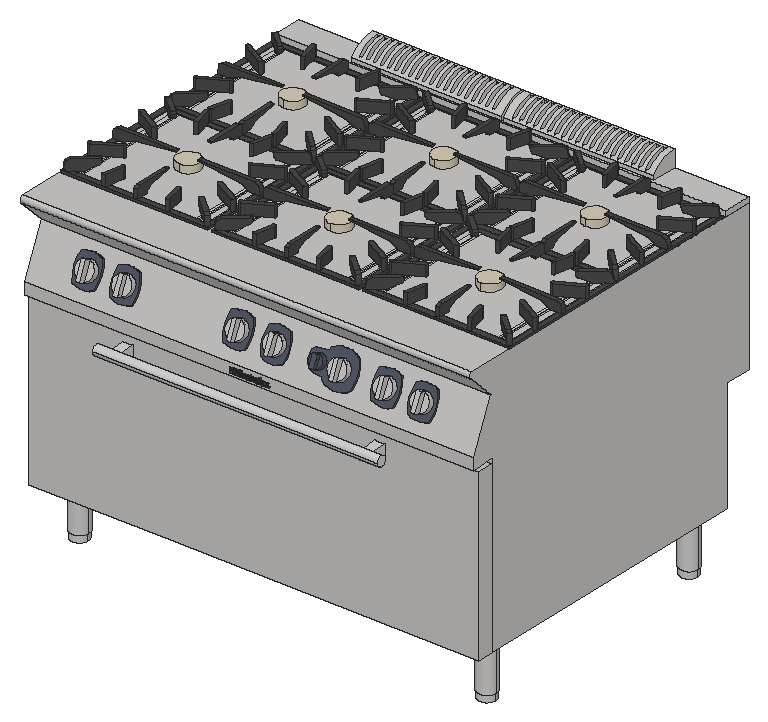
Revit family "QF_ELECTROLUXPROFESSIONAL_391015_E9GCGL6CL0", category Specialty Equipment, Revit 2018
Family settings
  Round Connector Dimension = Use Diameter
  Part Type = Normal
  Work Plane-Based = No
  Always vertical = Yes
  Cut with Voids When Loaded = No
  Shared = No
  Room Calculation Point = No
Parameters
  Width = 1200 mm
  Weight in Pounds = 200  # constant formula
  Watts = 0 W
  URL Cutsheet = "www.electrolux.com"
  URL = "www.electrolux.com"
  Type Mark [instance] = ""
  Status [instance] = ""
  Specification by User [instance] = ""
  Specification by Manufacturer = ""
  Show Logo [instance] = yes
  Show Clearance [instance] = yes
  Serial Number = ""
  Seismic Rating = ""
  SMACNA No = ""
  Revision Code [instance] = ""
  Omniclass Number and Title = ""
  NAFEM Spec ID Number = ""
  Model = "391015"
  Mechanical Remarks [instance] = ""
  Mechanical Connection Type [instance] = ""
  Masterspec = ""
  Manufacturer = "ELECTROLUX"
  Item Number [instance] = ""
  Installed By [instance] = ""
  Identify Quantity as Lot [instance] = yes
  Height = 909 mm
  HP = "0 HP"
  Gas Size = 12.7 mm  # 1/2"
  Gas RI Height [instance] = 0 mm
  Gas KW [instance] = 56  # constant formula
  Gas Input [instance] = 190904.0 Btu/h
  Gas Connection Height = 0 mm
  Furnished By [instance] = ""
  Foodservice Equipment Identifier [instance] = yes
  Direct Waste Size = 0"
  Description = "900XP 6 GAS BURNERS 6kW ON LARGE GAS OVEN"
  Depth = 930 mm
  CSI MasterFormat = ""
  CSI Master Format = ""
  Assembly Code = ""
Reference planes
  plane 1 "BACK": y = 0
  plane 2: z = 0
  plane 3 "LEFT": x = 0
  plane 4 "RIGHT": x = 1200
  plane 5 "FRONT": y = -700
  plane 6 "TOP": z = 909
  plane 7 "Center Y": x = 600
  plane 8 "Center X": y = -350
  plane 9 "Base": z = 150
  plane 10: z = 850.9
  plane 11: y = -930
  plane 12: y = -1109
  plane 13: y = -128
  plane 14: y = -802
  plane 15: y = -1310
  plane 16: y = -666
  plane 17: x = 56
  plane 18: x = 1144
Forms (mm)
  Extrusion 1, solid, material "QF_Finishes_Stainless Steel"
    sketch origin (0, 0, 0) x (0, 1, 0) y (0, 0, 1)
      loop
        line (0, 450) -> (0, 850.9) -> (-921.37, 850.9)
        arc (-921.37, 850.9) -> (-929.343, 845.573) -> (-927.472, 836.168) r 8.63
        line (-927.472, 836.168) -> (-858.266, 766.833) -> (-915.833, 641.476) -> (-915.833, 610.179) -> (-855.839, 614.875)
        arc (-855.839, 614.875) -> (-853.314, 614.127) -> (-852.222, 611.731) r 3.175
        line (-852.222, 611.731) -> (-852.222, 150) -> (-71, 150) -> (-71, 450) -> (0, 450)
    from 0 to 1200
  Extrusion 2, solid, material "QF_Finishes_Stainless Steel"
    sketch origin (0, -852.222, 611.731) x (0, 0, -1) y (1, 0, 0)
      loop
        line (461.731, 363.774) -> (461.731, 1200) -> (9.61, 1200) -> (9.61, 378.321) -> (9.61, 0) -> (461.731, 0) -> (461.731, 363.774)
    from 3.175 to 47.778
  Extrusion 3, solid, material "QF_Finishes_Stainless Steel"
    sketch origin (0, 0, 0) x (0, -1, 0) y (0, 0, 1)
      loop
        line (0, 850.9) -> (76.2, 850.9) -> (76.2, 865.188) -> (0, 865.188) -> (0, 850.9)
    from 0 to -1200
  Extrusion 4, solid, material "QF_Finishes_Stainless Steel"
    sketch origin (0, -852.222, 150) x (1, 0, 0) y (0, -1, 0)
      loop
        circle (1148, -186.222) r 6.4
    from 0 to 21
  Extrusion 5, solid, material "QF_Door-Drawer Clearances", visible <- "Show Clearance", detail levels coarse
    sketch origin (0, -200, 0) x (0, 1, 0) y (0, 0, 1)
      loop
        line (-1110, 150) -> (-700, 150) -> (-700, 602.41)
        arc (-700, 602.41) -> (-992.25, 455.276) -> (-1110, 150) r 454.603
    from 0 to 1200
  Extrusion 6, solid, material "QF_Clearances", visible <- "Show Clearance", detail levels coarse
    sketch origin (0, -200, 0) x (1, 0, 0) y (0, 1, 0)
      loop
        line (-100, -730) -> (0, -730) -> (0, 200) -> (1200, 200) -> (1200, -730) -> (1300, -730) -> (1300, 300) -> (-100, 300) -> (-100, -730)
    from 0 to 908.85
  Extrusion 7, solid, material "QF_Finishes_Handrails and Railings"
    sketch origin (200, -200, 0) x (0, 1, 0) y (0, 0, 1)
      loop
        line (-700, 580.001) -> (-738.549, 577.296)
        arc (-738.549, 577.296) -> (-739.742, 563.489) -> (-752.852, 558.993) r 12.7
        arc (-752.852, 558.993) -> (-752.311, 558.176) -> (-751.712, 557.401) r 13.441
        arc (-751.712, 557.401) -> (-749.907, 555.955) -> (-747.68, 555.335) r 5.77
        line (-747.68, 555.335) -> (-700, 551.992) -> (-700, 580.001)
    from 50.8 to 76.2
  Extrusion 8, solid, material "QF_Finishes_Handrails and Railings"
    sketch origin (1000, -200, 0) x (0, 1, 0) y (0, 0, -1)
      loop
        line (-700, -580.001) -> (-700, -551.992) -> (-747.68, -555.335)
        arc (-747.68, -555.335) -> (-749.907, -555.955) -> (-751.712, -557.401) r 5.77
        arc (-751.712, -557.401) -> (-752.311, -558.176) -> (-752.852, -558.993) r 13.441
        arc (-752.852, -558.993) -> (-739.742, -563.489) -> (-738.549, -577.296) r 12.7
        line (-738.549, -577.296) -> (-700, -580.001)
    from 50.8 to 76.2
  Extrusion 9, solid, material "QF_Finishes_Handrails and Railings"
    sketch origin (200, -200, 0) x (0, 1, 0) y (0, 0, 1)
      loop
        circle (-749.749, 571.309) r 12.7
    from 19.875 to 780.125
  Extrusion 10, solid, material "QF_Finishes_Navy Blue"
    sketch origin (405.244, -913.772, 646.186) x (0, 0.418102, 0.9084) y (-1, 0, 0)
      loop
        arc (102.623, -510.47) -> (67.041, -502.846) -> (31.333, -509.853) r 90.5
        arc (31.333, -509.853) -> (24.507, -539.04) -> (31.333, -568.228) r 65.817
        arc (31.333, -568.228) -> (67.04, -575.188) -> (102.623, -567.615) r 91.066
        arc (102.623, -567.615) -> (109.179, -539.043) -> (102.623, -510.47) r 65.546
    from 0 to 3.175
  Extrusion 11, solid, material "QF_Finishes_Stainless Steel"
    sketch origin (783.994, -917.485, 645.711) x (0, 0.418102, 0.9084) y (-1, 0, 0)
      loop
        circle (68.826, -160.963) r 25.4
    from 0 to 12.7
  Extrusion 12, solid, material "QF_Finishes_Stainless Steel"
    sketch origin (783.994, -929.022, 651.021) x (0, 0.418102, 0.9084) y (-1, 0, 0)
      loop
        arc (93.558, -166.749) -> (94.226, -160.963) -> (93.558, -155.177) r 25.4
        line (93.558, -155.177) -> (44.094, -155.177)
        arc (44.094, -155.177) -> (43.426, -160.963) -> (44.094, -166.749) r 25.4
        line (44.094, -166.749) -> (93.558, -166.749)
    from 0 to 12.7
  Extrusion 13, solid, material "QF_Finishes_Navy Blue"
    sketch origin (282.787, -913.772, 646.186) x (0, 0.418102, 0.9084) y (-1, 0, 0)
      loop
        arc (104.355, -502.587) -> (101.326, -501.258) -> (98.25, -500.039) r 91.066
        arc (98.25, -500.039) -> (96.592, -482.449) -> (93.213, -465.107) r 179.528
        arc (93.213, -465.107) -> (69.244, -452.795) -> (45.274, -465.107) r 29.489
        arc (45.274, -465.107) -> (38.909, -481.441) -> (37.449, -498.912) r 61.044
        arc (37.449, -498.912) -> (34.471, -499.962) -> (31.532, -501.116) r 91.066
        arc (31.532, -501.116) -> (19.517, -540.223) -> (32.929, -578.873) r 65.817
        arc (32.929, -578.873) -> (68.105, -585.173) -> (102.996, -577.452) r 91.066
        arc (102.996, -577.452) -> (115.418, -540.233) -> (104.355, -502.587) r 65.546
    from 0 to 3.175
  Extrusion 14, solid, material "QF_Finishes_Stainless Steel"
    sketch origin (661.537, -917.485, 645.711) x (0, 0.418102, 0.9084) y (-1, 0, 0)
      loop
        circle (68.826, -160.963) r 25.4
    from 0 to 12.7
  Extrusion 15, solid, material "QF_Finishes_Stainless Steel"
    sketch origin (661.537, -929.022, 651.021) x (0, 0.418102, 0.9084) y (-1, 0, 0)
      loop
        arc (93.558, -166.749) -> (94.226, -160.963) -> (93.558, -155.177) r 25.4
        line (93.558, -155.177) -> (44.094, -155.177)
        arc (44.094, -155.177) -> (43.426, -160.963) -> (44.094, -166.749) r 25.4
        line (44.094, -166.749) -> (93.558, -166.749)
    from 0 to 12.7
  Extrusion 16, solid, material "QF_Finishes_Navy Blue"
    sketch origin (604.037, -917.485, 645.711) x (0, 0.418102, 0.9084) y (-1, 0, 0)
      loop
        circle (68.826, -160.963) r 18.37
    from 0 to 12.7
  Extrusion 17, solid, material "QF_Finishes_Navy Blue"
    sketch origin (602.746, -929.022, 651.021) x (0, 0.418102, 0.9084) y (-1, 0, 0)
      loop
        arc (84.808, -167.687) -> (85.476, -161.901) -> (84.808, -156.114) r 25.4
        line (84.808, -156.114) -> (52.844, -156.114)
        arc (52.844, -156.114) -> (52.176, -161.901) -> (52.844, -167.687) r 25.4
        line (52.844, -167.687) -> (84.808, -167.687)
    from 0 to 8.112
  Extrusion 18, solid, material "QF_Finishes_Navy Blue"
    sketch origin (-392.256, -913.772, 646.186) x (0, 0.418102, 0.9084) y (-1, 0, 0)
      loop
        arc (102.623, -510.47) -> (67.041, -502.846) -> (31.333, -509.853) r 90.5
        arc (31.333, -509.853) -> (24.507, -539.04) -> (31.333, -568.228) r 65.817
        arc (31.333, -568.228) -> (67.04, -575.188) -> (102.623, -567.615) r 91.066
        arc (102.623, -567.615) -> (109.179, -539.043) -> (102.623, -510.47) r 65.546
    from 0 to 3.175
  Extrusion 19, solid, material "QF_Finishes_Stainless Steel"
    sketch origin (-13.506, -917.485, 645.711) x (0, 0.418102, 0.9084) y (-1, 0, 0)
      loop
        circle (68.826, -160.963) r 25.4
    from 0 to 12.7
  Extrusion 20, solid, material "QF_Finishes_Stainless Steel"
    sketch origin (-13.506, -929.022, 651.021) x (0, 0.418102, 0.9084) y (-1, 0, 0)
      loop
        arc (93.558, -166.749) -> (94.226, -160.963) -> (93.558, -155.177) r 25.4
        line (93.558, -155.177) -> (44.094, -155.177)
        arc (44.094, -155.177) -> (43.426, -160.963) -> (44.094, -166.749) r 25.4
        line (44.094, -166.749) -> (93.558, -166.749)
    from 0 to 12.7
  Extrusion 21, solid, material "QF_Finishes_Navy Blue"
    sketch origin (-292.256, -913.772, 646.186) x (0, 0.418102, 0.9084) y (-1, 0, 0)
      loop
        arc (102.623, -510.47) -> (67.041, -502.846) -> (31.333, -509.853) r 90.5
        arc (31.333, -509.853) -> (24.507, -539.04) -> (31.333, -568.228) r 65.817
        arc (31.333, -568.228) -> (67.04, -575.188) -> (102.623, -567.615) r 91.066
        arc (102.623, -567.615) -> (109.179, -539.043) -> (102.623, -510.47) r 65.546
    from 0 to 3.175
  Extrusion 22, solid, material "QF_Finishes_Stainless Steel"
    sketch origin (86.494, -917.485, 645.711) x (0, 0.418102, 0.9084) y (-1, 0, 0)
      loop
        circle (68.826, -160.963) r 25.4
    from 0 to 12.7
  Extrusion 23, solid, material "QF_Finishes_Stainless Steel"
    sketch origin (86.494, -929.022, 651.021) x (0, 0.418102, 0.9084) y (-1, 0, 0)
      loop
        arc (93.558, -166.749) -> (94.226, -160.963) -> (93.558, -155.177) r 25.4
        line (93.558, -155.177) -> (44.094, -155.177)
        arc (44.094, -155.177) -> (43.426, -160.963) -> (44.094, -166.749) r 25.4
        line (44.094, -166.749) -> (93.558, -166.749)
    from 0 to 12.7
  Extrusion 24, solid, material "QF_Finishes_Stainless Steel"
    sketch origin (202.4, -200, 590.5) x (0, 1, 0) y (0, 0, 1)
      loop
        line (200, 274.688) -> (200, 318.5)
        arc (200, 318.5) -> (160.905, 309.851) -> (130.15, 284.212) r 84.706
        line (130.15, 284.212) -> (130.15, 274.688) -> (200, 274.688)
    from 400 to 800
  Extrusion 25, solid, material "QF_Finishes_Navy Blue"
    sketch origin (502.744, -913.772, 646.186) x (0, 0.418102, 0.9084) y (-1, 0, 0)
      loop
        arc (102.623, -510.47) -> (67.041, -502.846) -> (31.333, -509.853) r 90.5
        arc (31.333, -509.853) -> (24.507, -539.04) -> (31.333, -568.228) r 65.817
        arc (31.333, -568.228) -> (67.04, -575.188) -> (102.623, -567.615) r 91.066
        arc (102.623, -567.615) -> (109.179, -539.043) -> (102.623, -510.47) r 65.546
    from 0 to 3.175
  Extrusion 26, solid, material "QF_Finishes_Stainless Steel"
    sketch origin (881.494, -917.485, 645.711) x (0, 0.418102, 0.9084) y (-1, 0, 0)
      loop
        circle (68.826, -160.963) r 25.4
    from 0 to 12.7
  Extrusion 27, solid, material "QF_Finishes_Stainless Steel"
    sketch origin (881.494, -929.022, 651.021) x (0, 0.418102, 0.9084) y (-1, 0, 0)
      loop
        arc (93.558, -166.749) -> (94.226, -160.963) -> (93.558, -155.177) r 25.4
        line (93.558, -155.177) -> (44.094, -155.177)
        arc (44.094, -155.177) -> (43.426, -160.963) -> (44.094, -166.749) r 25.4
        line (44.094, -166.749) -> (93.558, -166.749)
    from 0 to 12.7
  Extrusion 28, solid, material "QF_Finishes_Navy Blue"
    sketch origin (10.244, -913.772, 646.186) x (0, 0.418102, 0.9084) y (-1, 0, 0)
      loop
        arc (102.623, -510.47) -> (67.041, -502.846) -> (31.333, -509.853) r 90.5
        arc (31.333, -509.853) -> (24.507, -539.04) -> (31.333, -568.228) r 65.817
        arc (31.333, -568.228) -> (67.04, -575.188) -> (102.623, -567.615) r 91.066
        arc (102.623, -567.615) -> (109.179, -539.043) -> (102.623, -510.47) r 65.546
    from 0 to 3.175
  Extrusion 29, solid, material "QF_Finishes_Stainless Steel"
    sketch origin (388.994, -917.485, 645.711) x (0, 0.418102, 0.9084) y (-1, 0, 0)
      loop
        circle (68.826, -160.963) r 25.4
    from 0 to 12.7
  Extrusion 30, solid, material "QF_Finishes_Stainless Steel"
    sketch origin (388.994, -929.022, 651.021) x (0, 0.418102, 0.9084) y (-1, 0, 0)
      loop
        arc (93.558, -166.749) -> (94.226, -160.963) -> (93.558, -155.177) r 25.4
        line (93.558, -155.177) -> (44.094, -155.177)
        arc (44.094, -155.177) -> (43.426, -160.963) -> (44.094, -166.749) r 25.4
        line (44.094, -166.749) -> (93.558, -166.749)
    from 0 to 12.7
  Extrusion 31, solid, material "QF_Finishes_Navy Blue"
    sketch origin (110.244, -913.772, 646.186) x (0, 0.418102, 0.9084) y (-1, 0, 0)
      loop
        arc (102.623, -510.47) -> (67.041, -502.846) -> (31.333, -509.853) r 90.5
        arc (31.333, -509.853) -> (24.507, -539.04) -> (31.333, -568.228) r 65.817
        arc (31.333, -568.228) -> (67.04, -575.188) -> (102.623, -567.615) r 91.066
        arc (102.623, -567.615) -> (109.179, -539.043) -> (102.623, -510.47) r 65.546
    from 0 to 3.175
  Extrusion 32, solid, material "QF_Finishes_Stainless Steel"
    sketch origin (488.994, -917.485, 645.711) x (0, 0.418102, 0.9084) y (-1, 0, 0)
      loop
        circle (68.826, -160.963) r 25.4
    from 0 to 12.7
  Extrusion 33, solid, material "QF_Finishes_Stainless Steel"
    sketch origin (488.994, -929.022, 651.021) x (0, 0.418102, 0.9084) y (-1, 0, 0)
      loop
        arc (93.558, -166.749) -> (94.226, -160.963) -> (93.558, -155.177) r 25.4
        line (93.558, -155.177) -> (44.094, -155.177)
        arc (44.094, -155.177) -> (43.426, -160.963) -> (44.094, -166.749) r 25.4
        line (44.094, -166.749) -> (93.558, -166.749)
    from 0 to 12.7
  Extrusion 34, solid, material "QF_Finishes_Navy Blue", visible <- "Show Logo"
    sketch origin (261.109, -915.962, 610.773) x (0, 0, 1) y (-1, 0, 0)
      loop
        line (20.674, -296.698) -> (8.307, -296.698)
        arc (8.307, -296.698) -> (14.491, -301.27) -> (20.674, -296.698) r 6.467
      loop
        arc (20.674, -296.069) -> (19.505, -290.926) -> (14.849, -288.448) r 6.338
        line (14.849, -288.448) -> (14.849, -290.494)
        arc (14.849, -290.494) -> (16.333, -294.149) -> (19.778, -296.069) r 5.941
        line (19.778, -296.069) -> (20.674, -296.069)
      loop
        arc (9.203, -296.069) -> (12.648, -294.149) -> (14.132, -290.494) r 5.941
        line (14.132, -290.494) -> (14.132, -288.448)
        arc (14.132, -288.448) -> (9.438, -290.922) -> (8.148, -296.069) r 6.504
        line (8.148, -296.069) -> (9.203, -296.069)
      loop
        line (21.349, -287.979) -> (7.604, -287.979) -> (7.604, -301.742) -> (21.349, -301.742) -> (21.349, -287.979)
      loop
        arc (21.432, -304.71) -> (21.085, -304.352) -> (20.718, -304.69) r 0.358
        arc (20.718, -304.69) -> (20.404, -305.44) -> (19.687, -305.825) r 1.216
        line (19.687, -305.825) -> (9.274, -305.825)
        arc (9.274, -305.825) -> (8.614, -305.548) -> (8.218, -304.951) r 1.238
        arc (8.218, -304.951) -> (7.823, -304.7) -> (7.518, -305.054) r 0.358
        line (7.518, -305.054) -> (7.518, -314.933) -> (10.269, -314.933) -> (10.269, -314.036)
        arc (10.269, -314.036) -> (9.36, -313.456) -> (8.904, -312.479) r 1.928
        line (8.904, -312.479) -> (8.904, -309.98)
        arc (8.904, -309.98) -> (9.18, -309.251) -> (9.868, -308.887) r 1.101
        line (9.868, -308.887) -> (13.955, -308.887) -> (13.955, -312.561)
        arc (13.955, -312.561) -> (13.602, -313.058) -> (13.037, -313.286) r 1.083
        arc (13.037, -313.286) -> (12.773, -313.591) -> (13.065, -313.869) r 0.292
        line (13.065, -313.869) -> (16.028, -313.869)
        arc (16.028, -313.869) -> (16.33, -313.596) -> (16.092, -313.266) r 0.305
        arc (16.092, -313.266) -> (15.601, -313.018) -> (15.296, -312.561) r 1.083
        line (15.296, -312.561) -> (15.296, -308.887) -> (19.973, -308.887) -> (19.973, -312.635)
        arc (19.973, -312.635) -> (19.759, -313.39) -> (19.153, -313.888) r 1.314
        arc (19.153, -313.888) -> (18.934, -314.292) -> (19.288, -314.585) r 0.361
        line (19.288, -314.585) -> (21.432, -314.585) -> (21.432, -304.71)
      loop
        arc (20.715, -315.365) -> (20.335, -316.284) -> (19.416, -316.664) r 1.299
        line (19.416, -316.664) -> (9.837, -316.664)
        arc (9.837, -316.664) -> (8.999, -316.286) -> (8.728, -315.408) r 1.118
        line (8.728, -315.408) -> (7.518, -315.408) -> (7.518, -320.758) -> (8.706, -320.758)
        arc (8.706, -320.758) -> (8.978, -319.841) -> (9.848, -319.445) r 1.153
        line (9.848, -319.445) -> (21.92, -319.445) -> (20.715, -315.365)
      loop
        line (12.483, -323.394) -> (12.483, -329.842) -> (13.282, -329.842)
        arc (13.282, -329.842) -> (15.862, -328.857) -> (17.131, -326.404) r 3.874
        line (17.131, -326.404) -> (17.131, -324.643)
        arc (17.131, -324.643) -> (15.944, -321.778) -> (13.08, -320.592) r 4.051
        line (13.08, -320.592) -> (11.072, -320.592)
        arc (11.072, -320.592) -> (8.253, -322.077) -> (7.202, -325.084) r 4.352
        arc (7.202, -325.084) -> (7.566, -327.547) -> (8.943, -329.621) r 5.713
        line (8.943, -329.621) -> (9.892, -329.621)
        arc (9.892, -329.621) -> (9.16, -328.052) -> (8.943, -326.334) r 5.579
        arc (8.943, -326.334) -> (9.737, -324.371) -> (11.616, -323.394) r 3.057
        line (11.616, -323.394) -> (12.483, -323.394)
      loop
        line (13.742, -323.394) -> (13.742, -326.977)
        arc (13.742, -326.977) -> (15.199, -327.024) -> (16.082, -325.864) r 1.59
        line (16.082, -325.864) -> (16.082, -325.034)
        arc (16.082, -325.034) -> (15.217, -323.779) -> (13.742, -323.394) r 2.184
      loop
        arc (16.533, -339.259) -> (17.022, -337.585) -> (17.179, -335.848) r 9.023
        line (17.179, -335.848) -> (17.179, -334.486)
        arc (17.179, -334.486) -> (16.02, -331.686) -> (13.22, -330.527) r 3.959
        line (13.22, -330.527) -> (10.62, -330.527)
        arc (10.62, -330.527) -> (8.338, -331.819) -> (7.221, -334.192) r 4.331
        line (7.221, -334.192) -> (7.221, -336.327)
        arc (7.221, -336.327) -> (7.729, -337.877) -> (8.651, -339.223) r 5.772
        arc (8.651, -339.223) -> (9.412, -339.274) -> (9.499, -338.515) r 0.553
        arc (9.499, -338.515) -> (9.111, -337.781) -> (8.977, -336.962) r 2.573
        line (8.977, -336.962) -> (8.977, -335.447)
        arc (8.977, -335.447) -> (9.983, -333.806) -> (11.798, -333.163) r 2.884
        line (11.798, -333.163) -> (13.077, -333.163)
        arc (13.077, -333.163) -> (14.898, -333.723) -> (15.824, -335.388) r 2.554
        line (15.824, -335.388) -> (15.824, -336.441)
        arc (15.824, -336.441) -> (15.493, -337.369) -> (14.836, -338.104) r 2.564
        arc (14.836, -338.104) -> (14.614, -338.821) -> (15.223, -339.259) r 0.643
        line (15.223, -339.259) -> (16.533, -339.259)
      loop
        line (15.515, -339.53) -> (15.515, -341.031) -> (9.467, -341.031)
        arc (9.467, -341.031) -> (7.879, -341.688) -> (7.221, -343.276) r 2.246
        line (7.221, -343.276) -> (7.221, -344.86)
        arc (7.221, -344.86) -> (7.535, -345.725) -> (8.035, -346.496) r 4.06
        arc (8.035, -346.496) -> (8.768, -346.629) -> (9.019, -345.928) r 0.576
        arc (9.019, -345.928) -> (8.913, -345.403) -> (8.977, -344.87) r 1.69
        arc (8.977, -344.87) -> (9.519, -344.082) -> (10.425, -343.779) r 1.506
        line (10.425, -343.779) -> (15.563, -343.779) -> (15.563, -346.176) -> (16.119, -346.733) -> (16.941, -346.733) -> (16.941, -343.873) -> (20.172, -343.873) -> (15.515, -339.53)
      loop
        line (7.438, -347.63) -> (7.438, -353.017) -> (8.548, -353.017)
        arc (8.548, -353.017) -> (8.942, -352.066) -> (9.893, -351.672) r 1.345
        line (9.893, -351.672) -> (13.509, -351.672)
        arc (13.509, -351.672) -> (14.274, -352.264) -> (14.564, -353.186) r 1.615
        line (14.564, -353.186) -> (14.564, -354.742) -> (17.119, -355.427) -> (17.119, -354.044) -> (15.177, -351.485) -> (17.057, -351.485) -> (16.773, -348.779)
        arc (16.773, -348.779) -> (16.333, -348.249) -> (15.674, -348.45) r 0.621
        arc (15.674, -348.45) -> (15.274, -348.792) -> (14.78, -348.975) r 1.501
        line (14.78, -348.975) -> (9.893, -348.975)
        arc (9.893, -348.975) -> (8.942, -348.581) -> (8.548, -347.63) r 1.345
        line (8.548, -347.63) -> (7.438, -347.63)
      loop
        line (13.54, -354.964) -> (10.848, -354.964)
        arc (10.848, -354.964) -> (8.403, -356.272) -> (7.269, -358.803) r 4.288
        arc (7.269, -358.803) -> (7.205, -360.183) -> (7.269, -361.563) r 15.022
        arc (7.269, -361.563) -> (8.403, -364.094) -> (10.848, -365.401) r 4.288
        line (10.848, -365.401) -> (13.54, -365.401)
        arc (13.54, -365.401) -> (15.986, -364.094) -> (17.119, -361.563) r 4.288
        arc (17.119, -361.563) -> (17.183, -360.183) -> (17.119, -358.803) r 15.022
        arc (17.119, -358.803) -> (15.986, -356.272) -> (13.54, -354.964) r 4.288
      loop
        line (13.745, -358.078) -> (10.643, -358.078)
        arc (10.643, -358.078) -> (8.486, -360.235) -> (10.643, -362.392) r 2.157
        line (10.643, -362.392) -> (13.745, -362.392)
        arc (13.745, -362.392) -> (15.902, -360.235) -> (13.745, -358.078) r 2.157
      loop
        arc (20.726, -365.26) -> (20.355, -366.154) -> (19.461, -366.524) r 1.264
        line (19.461, -366.524) -> (9.597, -366.524)
        arc (9.597, -366.524) -> (8.727, -366.127) -> (8.455, -365.211) r 1.153
        line (8.455, -365.211) -> (7.518, -365.211) -> (7.518, -370.319) -> (8.446, -370.319)
        arc (8.446, -370.319) -> (8.805, -369.547) -> (9.597, -369.232) r 1.153
        line (9.597, -369.232) -> (21.92, -369.232) -> (20.726, -365.26)
      loop
        arc (15.846, -369.857) -> (15.647, -370.921) -> (14.678, -371.403) r 1.215
        line (14.678, -371.403) -> (9.658, -371.403)
        arc (9.658, -371.403) -> (8.043, -372.051) -> (7.322, -373.634) r 2.338
        line (7.322, -373.634) -> (7.322, -375.148)
        arc (7.322, -375.148) -> (7.497, -376.152) -> (7.999, -377.038) r 2.979
        line (7.999, -377.038) -> (7.518, -378.835) -> (7.518, -380.524) -> (16.943, -380.524) -> (16.649, -376.32) -> (15.863, -376.32)
        arc (15.863, -376.32) -> (15.507, -377.156) -> (14.755, -377.665) r 1.605
        line (14.755, -377.665) -> (9.652, -377.665)
        arc (9.652, -377.665) -> (9.232, -376.728) -> (9.159, -375.704) r 2.94
        arc (9.159, -375.704) -> (9.72, -374.603) -> (10.873, -374.16) r 1.724
        line (10.873, -374.16) -> (17.07, -374.16) -> (15.846, -369.857)
      loop
        line (16.874, -381.377) -> (15.202, -383.423) -> (12.028, -385.729) -> (8.572, -382.617)
        arc (8.572, -382.617) -> (8.335, -382.223) -> (8.357, -381.764) r 0.789
        line (8.357, -381.764) -> (7.518, -381.764) -> (7.518, -385.309) -> (8.344, -385.309)
        arc (8.344, -385.309) -> (8.686, -384.947) -> (9.176, -385.039) r 0.52
        line (9.176, -385.039) -> (10.976, -386.51) -> (8.858, -387.886)
        arc (8.858, -387.886) -> (8.457, -387.576) -> (8.37, -387.076) r 0.7
        line (8.37, -387.076) -> (7.518, -387.076) -> (7.518, -393.003) -> (8.405, -393.003)
        arc (8.405, -393.003) -> (8.472, -392.344) -> (8.866, -391.813) r 1.247
        line (8.866, -391.813) -> (13.066, -388.532) -> (15.513, -390.585) -> (16.874, -392.327) -> (16.874, -388.604) -> (15.389, -389.026) -> (13.868, -387.749) -> (15.568, -386.559) -> (16.874, -387.336) -> (16.874, -381.377)
    from 0 to 1.644
  Revolve 35, solid, material "QF_Finishes_Stainless Steel"
    sketch origin (799, -128, 0) x (-1, 0, 0) y (0, 0, -1)
      loop
        line (-345, 0) -> (-367.9, 0) -> (-367.9, -19.05) -> (-370.4, -19.05) -> (-370.4, -150) -> (-345, -150) -> (-345, 0)
      axis (-345, 0) -> (-345, -150)
    angle from 0 to 360
  Revolve 36, solid, material "QF_Finishes_Stainless Steel"
    sketch origin (799, -802, 0) x (-1, 0, 0) y (0, 0, -1)
      loop
        line (-345, 0) -> (-367.9, 0) -> (-367.9, -19.05) -> (-370.4, -19.05) -> (-370.4, -150) -> (-345, -150) -> (-345, 0)
      axis (-345, 0) -> (-345, -150)
    angle from 0 to 360
  Extrusion 37, solid, material "QF_Finishes_Stainless Steel"
    sketch origin (0, -852.222, 150) x (1, 0, 0) y (0, -1, 0)
      loop
        circle (1157, -276.222) r 12.7
    from 0 to 5
  Extrusion 38, void
    sketch origin (-62.611, 0, 865.138) x (-1, 0, 0) y (0, -1, 0)
      loop
        line (-695.005, 6.761) -> (-685.709, 6.761) -> (-685.709, 63.911) -> (-695.005, 63.911) -> (-695.005, 6.761)
      loop
        line (-713.697, 6.761) -> (-704.401, 6.761) -> (-704.401, 63.911) -> (-713.697, 63.911) -> (-713.697, 6.761)
      loop
        line (-732.39, 6.761) -> (-723.094, 6.761) -> (-723.094, 63.911) -> (-732.39, 63.911) -> (-732.39, 6.761)
      loop
        line (-751.082, 6.761) -> (-741.787, 6.761) -> (-741.787, 63.911) -> (-751.082, 63.911) -> (-751.082, 6.761)
      loop
        line (-769.775, 6.761) -> (-760.479, 6.761) -> (-760.479, 63.911) -> (-769.775, 63.911) -> (-769.775, 6.761)
      loop
        line (-788.468, 6.761) -> (-779.172, 6.761) -> (-779.172, 63.911) -> (-788.468, 63.911) -> (-788.468, 6.761)
      loop
        line (-807.16, 6.761) -> (-797.864, 6.761) -> (-797.864, 63.911) -> (-807.16, 63.911) -> (-807.16, 6.761)
      loop
        line (-825.853, 6.761) -> (-816.557, 6.761) -> (-816.557, 63.911) -> (-825.853, 63.911) -> (-825.853, 6.761)
      loop
        line (-844.545, 6.761) -> (-835.25, 6.761) -> (-835.25, 63.911) -> (-844.545, 63.911) -> (-844.545, 6.761)
      loop
        line (-863.238, 6.761) -> (-853.942, 6.761) -> (-853.942, 63.911) -> (-863.238, 63.911) -> (-863.238, 6.761)
      loop
        line (-881.931, 6.761) -> (-872.635, 6.761) -> (-872.635, 63.911) -> (-881.931, 63.911) -> (-881.931, 6.761)
      loop
        line (-900.623, 6.761) -> (-891.328, 6.761) -> (-891.328, 63.911) -> (-900.623, 63.911) -> (-900.623, 6.761)
      loop
        line (-919.316, 6.761) -> (-910.02, 6.761) -> (-910.02, 63.911) -> (-919.316, 63.911) -> (-919.316, 6.761)
      loop
        line (-938.008, 6.761) -> (-928.713, 6.761) -> (-928.713, 63.911) -> (-938.008, 63.911) -> (-938.008, 6.761)
      loop
        line (-956.701, 6.761) -> (-947.405, 6.761) -> (-947.405, 63.911) -> (-956.701, 63.911) -> (-956.701, 6.761)
      loop
        line (-975.394, 6.761) -> (-966.098, 6.761) -> (-966.098, 63.911) -> (-975.394, 63.911) -> (-975.394, 6.761)
      loop
        line (-994.086, 6.761) -> (-984.791, 6.761) -> (-984.791, 63.911) -> (-994.086, 63.911) -> (-994.086, 6.761)
      loop
        line (-1012.779, 6.761) -> (-1003.483, 6.761) -> (-1003.483, 63.911) -> (-1012.779, 63.911) -> (-1012.779, 6.761)
      loop
        line (-1031.472, 6.761) -> (-1022.176, 6.761) -> (-1022.176, 63.911) -> (-1031.472, 63.911) -> (-1031.472, 6.761)
      loop
        line (-1050.164, 6.761) -> (-1040.868, 6.761) -> (-1040.868, 63.911) -> (-1050.164, 63.911) -> (-1050.164, 6.761)
    from 9.525 to 45.348
  Revolve 39, solid, material "QF_Finishes_Stainless Steel"
    sketch origin (1, -128, 0) x (1, 0, 0) y (0, 0, 1)
      loop
        line (55, 0) -> (55, 150) -> (29.6, 150) -> (29.6, 19.05) -> (32.1, 19.05) -> (32.1, 0) -> (55, 0)
      axis (55, 0) -> (55, 150)
    angle from 0 to 360
  Revolve 40, solid, material "QF_Finishes_Stainless Steel"
    sketch origin (1, -802, 0) x (1, 0, 0) y (0, 0, 1)
      loop
        line (55, 0) -> (55, 150) -> (29.6, 150) -> (29.6, 19.05) -> (32.1, 19.05) -> (32.1, 0) -> (55, 0)
      axis (55, 0) -> (55, 150)
    angle from 0 to 360
  Extrusion 41, solid, material "QF_Finishes_Stainless Steel"
    sketch origin (997.6, -200, 590.5) x (0, 1, 0) y (0, 0, -1)
      loop
        line (200, -274.688) -> (130.15, -274.688) -> (130.15, -284.212)
        arc (130.15, -284.212) -> (160.905, -309.851) -> (200, -318.5) r 84.706
        line (200, -318.5) -> (200, -274.688)
    from 400 to 800
  Extrusion 42, void
    sketch origin (1262.611, 0, 865.138) x (1, 0, 0) y (0, 1, 0)
      loop
        line (-695.005, -6.761) -> (-695.005, -63.911) -> (-685.709, -63.911) -> (-685.709, -6.761) -> (-695.005, -6.761)
      loop
        line (-713.697, -6.761) -> (-713.697, -63.911) -> (-704.401, -63.911) -> (-704.401, -6.761) -> (-713.697, -6.761)
      loop
        line (-732.39, -6.761) -> (-732.39, -63.911) -> (-723.094, -63.911) -> (-723.094, -6.761) -> (-732.39, -6.761)
      loop
        line (-751.082, -6.761) -> (-751.082, -63.911) -> (-741.787, -63.911) -> (-741.787, -6.761) -> (-751.082, -6.761)
      loop
        line (-769.775, -6.761) -> (-769.775, -63.911) -> (-760.479, -63.911) -> (-760.479, -6.761) -> (-769.775, -6.761)
      loop
        line (-788.468, -6.761) -> (-788.468, -63.911) -> (-779.172, -63.911) -> (-779.172, -6.761) -> (-788.468, -6.761)
      loop
        line (-807.16, -6.761) -> (-807.16, -63.911) -> (-797.864, -63.911) -> (-797.864, -6.761) -> (-807.16, -6.761)
      loop
        line (-825.853, -6.761) -> (-825.853, -63.911) -> (-816.557, -63.911) -> (-816.557, -6.761) -> (-825.853, -6.761)
      loop
        line (-844.545, -6.761) -> (-844.545, -63.911) -> (-835.25, -63.911) -> (-835.25, -6.761) -> (-844.545, -6.761)
      loop
        line (-863.238, -6.761) -> (-863.238, -63.911) -> (-853.942, -63.911) -> (-853.942, -6.761) -> (-863.238, -6.761)
      loop
        line (-881.931, -6.761) -> (-881.931, -63.911) -> (-872.635, -63.911) -> (-872.635, -6.761) -> (-881.931, -6.761)
      loop
        line (-900.623, -6.761) -> (-900.623, -63.911) -> (-891.328, -63.911) -> (-891.328, -6.761) -> (-900.623, -6.761)
      loop
        line (-919.316, -6.761) -> (-919.316, -63.911) -> (-910.02, -63.911) -> (-910.02, -6.761) -> (-919.316, -6.761)
      loop
        line (-938.008, -6.761) -> (-938.008, -63.911) -> (-928.713, -63.911) -> (-928.713, -6.761) -> (-938.008, -6.761)
      loop
        line (-956.701, -6.761) -> (-956.701, -63.911) -> (-947.405, -63.911) -> (-947.405, -6.761) -> (-956.701, -6.761)
      loop
        line (-975.394, -6.761) -> (-975.394, -63.911) -> (-966.098, -63.911) -> (-966.098, -6.761) -> (-975.394, -6.761)
      loop
        line (-994.086, -6.761) -> (-994.086, -63.911) -> (-984.791, -63.911) -> (-984.791, -6.761) -> (-994.086, -6.761)
      loop
        line (-1012.779, -6.761) -> (-1012.779, -63.911) -> (-1003.483, -63.911) -> (-1003.483, -6.761) -> (-1012.779, -6.761)
      loop
        line (-1031.472, -6.761) -> (-1031.472, -63.911) -> (-1022.176, -63.911) -> (-1022.176, -6.761) -> (-1031.472, -6.761)
      loop
        line (-1050.164, -6.761) -> (-1050.164, -63.911) -> (-1040.868, -63.911) -> (-1040.868, -6.761) -> (-1050.164, -6.761)
    from 9.525 to 45.348
Cuts and joins
  Extrusion 38, Extrusion 42 cuts Extrusion 24
  Extrusion 42 cuts Extrusion 41
Lines and regions (mm)
  symbolic lines, style "QF_Door-Drawer Clearances"
    curve 1: line (0, -930, 150) -> (0, -1310, 150)
    curve 2: line (0, -1310, 150) -> (1200, -1310, 150)
    curve 3: line (1200, -1310, 150) -> (1200, -930, 150)
  symbolic lines
    curve 4: line (1200, -930, 150) -> (0, -930, 150)
    curve 5: line (0, 0, 150) -> (0, -930, 150)
    curve 6: line (1200, -930, 150) -> (1200, 0, 150)
    curve 7: line (0, 0, 150) -> (1200, 0, 150)
    curve 11: line (980.125, -962.449, 150) -> (219.875, -962.449, 150)
    curve 12: line (980.125, -937.049, 150) -> (980.125, -962.449, 150)
    curve 13: line (949.2, -938.549, 150) -> (949.2, -930, 150)
    curve 14: line (923.8, -938.549, 150) -> (923.8, -930, 150)
    curve 15: line (923.8, -938.549, 150) -> (949.2, -938.549, 150)
    curve 16: line (219.875, -937.049, 150) -> (250.8, -937.049, 150)
    curve 17: line (949.2, -937.049, 150) -> (980.125, -937.049, 150)
    curve 18: line (632.394, -6.761, 150) -> (632.394, -63.911, 150)
    curve 19: line (632.394, -63.911, 150) -> (623.098, -63.911, 150)
    curve 20: line (623.098, -63.911, 150) -> (623.098, -6.761, 150)
    curve 21: line (623.098, -6.761, 150) -> (632.394, -6.761, 150)
    curve 22: line (838.012, -6.761, 150) -> (838.012, -63.911, 150)
    curve 23: line (838.012, -63.911, 150) -> (828.717, -63.911, 150)
    curve 24: line (828.717, -63.911, 150) -> (828.717, -6.761, 150)
    curve 25: line (828.717, -6.761, 150) -> (838.012, -6.761, 150)
    curve 26: line (819.32, -6.761, 150) -> (819.32, -63.911, 150)
    curve 27: line (819.32, -63.911, 150) -> (810.024, -63.911, 150)
    curve 28: line (810.024, -63.911, 150) -> (810.024, -6.761, 150)
    curve 29: line (810.024, -6.761, 150) -> (819.32, -6.761, 150)
    curve 30: line (800.627, -6.761, 150) -> (800.627, -63.911, 150)
    curve 31: line (800.627, -63.911, 150) -> (791.331, -63.911, 150)
    curve 32: line (791.331, -63.911, 150) -> (791.331, -6.761, 150)
    curve 33: line (791.331, -6.761, 150) -> (800.627, -6.761, 150)
    curve 34: line (781.934, -6.761, 150) -> (781.934, -63.911, 150)
    curve 35: line (781.934, -63.911, 150) -> (772.639, -63.911, 150)
    curve 36: line (772.639, -63.911, 150) -> (772.639, -6.761, 150)
    curve 37: line (772.639, -6.761, 150) -> (781.934, -6.761, 150)
    curve 38: line (763.242, -6.761, 150) -> (763.242, -63.911, 150)
    curve 39: line (763.242, -63.911, 150) -> (753.946, -63.911, 150)
    curve 40: line (753.946, -63.911, 150) -> (753.946, -6.761, 150)
    curve 41: line (753.946, -6.761, 150) -> (763.242, -6.761, 150)
    curve 42: line (744.549, -6.761, 150) -> (744.549, -63.911, 150)
    curve 43: line (744.549, -63.911, 150) -> (735.253, -63.911, 150)
    curve 44: line (735.253, -63.911, 150) -> (735.253, -6.761, 150)
    curve 45: line (735.253, -6.761, 150) -> (744.549, -6.761, 150)
    curve 46: line (725.857, -6.761, 150) -> (725.857, -63.911, 150)
    curve 47: line (725.857, -63.911, 150) -> (716.561, -63.911, 150)
    curve 48: line (716.561, -63.911, 150) -> (716.561, -6.761, 150)
    curve 49: line (716.561, -6.761, 150) -> (725.857, -6.761, 150)
    curve 50: line (707.164, -6.761, 150) -> (707.164, -63.911, 150)
    curve 51: line (707.164, -63.911, 150) -> (697.868, -63.911, 150)
    curve 52: line (697.868, -63.911, 150) -> (697.868, -6.761, 150)
    curve 53: line (697.868, -6.761, 150) -> (707.164, -6.761, 150)
    curve 54: line (688.471, -6.761, 150) -> (688.471, -63.911, 150)
    curve 55: line (688.471, -63.911, 150) -> (679.176, -63.911, 150)
    curve 56: line (679.176, -63.911, 150) -> (679.176, -6.761, 150)
    curve 57: line (679.176, -6.761, 150) -> (688.471, -6.761, 150)
    curve 58: line (669.779, -6.761, 150) -> (669.779, -63.911, 150)
    curve 59: line (669.779, -63.911, 150) -> (660.483, -63.911, 150)
    curve 60: line (660.483, -63.911, 150) -> (660.483, -6.761, 150)
    curve 61: line (660.483, -6.761, 150) -> (669.779, -6.761, 150)
    curve 62: line (651.086, -6.761, 150) -> (651.086, -63.911, 150)
    curve 63: line (651.086, -63.911, 150) -> (641.79, -63.911, 150)
    curve 64: line (641.79, -63.911, 150) -> (641.79, -6.761, 150)
    curve 65: line (641.79, -6.761, 150) -> (651.086, -6.761, 150)
    curve 66: line (987.553, -6.761, 150) -> (987.553, -63.911, 150)
    curve 67: line (987.553, -63.911, 150) -> (978.257, -63.911, 150)
    curve 68: line (978.257, -63.911, 150) -> (978.257, -6.761, 150)
    curve 69: line (978.257, -6.761, 150) -> (987.553, -6.761, 150)
    curve 70: line (968.861, -6.761, 150) -> (968.861, -63.911, 150)
    curve 71: line (968.861, -63.911, 150) -> (959.565, -63.911, 150)
    curve 72: line (959.565, -63.911, 150) -> (959.565, -6.761, 150)
    curve 73: line (959.565, -6.761, 150) -> (968.861, -6.761, 150)
    curve 74: line (950.168, -6.761, 150) -> (950.168, -63.911, 150)
    curve 75: line (950.168, -63.911, 150) -> (940.872, -63.911, 150)
    curve 76: line (940.872, -63.911, 150) -> (940.872, -6.761, 150)
    curve 77: line (940.872, -6.761, 150) -> (950.168, -6.761, 150)
    curve 78: line (931.475, -6.761, 150) -> (931.475, -63.911, 150)
    curve 79: line (931.475, -63.911, 150) -> (922.18, -63.911, 150)
    curve 80: line (922.18, -63.911, 150) -> (922.18, -6.761, 150)
    curve 81: line (922.18, -6.761, 150) -> (931.475, -6.761, 150)
    curve 82: line (912.783, -6.761, 150) -> (912.783, -63.911, 150)
    curve 83: line (912.783, -63.911, 150) -> (903.487, -63.911, 150)
    curve 84: line (903.487, -63.911, 150) -> (903.487, -6.761, 150)
    curve 85: line (903.487, -6.761, 150) -> (912.783, -6.761, 150)
    curve 86: line (894.09, -6.761, 150) -> (894.09, -63.911, 150)
    curve 87: line (894.09, -63.911, 150) -> (884.794, -63.911, 150)
    curve 88: line (884.794, -63.911, 150) -> (884.794, -6.761, 150)
    curve 89: line (884.794, -6.761, 150) -> (894.09, -6.761, 150)
    curve 90: line (875.397, -6.761, 150) -> (875.397, -63.911, 150)
    curve 91: line (875.397, -63.911, 150) -> (866.102, -63.911, 150)
    curve 92: line (866.102, -63.911, 150) -> (866.102, -6.761, 150)
    curve 93: line (866.102, -6.761, 150) -> (875.397, -6.761, 150)
    curve 94: line (856.705, -6.761, 150) -> (856.705, -63.911, 150)
    curve 95: line (856.705, -63.911, 150) -> (847.409, -63.911, 150)
    curve 96: line (847.409, -63.911, 150) -> (847.409, -6.761, 150)
    curve 97: line (847.409, -6.761, 150) -> (856.705, -6.761, 150)
    curve 98: line (1002.4, -69.85, 150) -> (1002.4, 0, 150)
    curve 99: line (602.4, -69.85, 150) -> (602.4, 0, 150)
    curve 100: line (250.8, -938.549, 150) -> (250.8, -930, 150)
    curve 101: line (276.2, -930, 150) -> (276.2, -938.549, 150)
    curve 102: line (219.875, -937.049, 150) -> (250.8, -937.049, 150)
    curve 103: line (219.875, -962.449, 150) -> (219.875, -937.049, 150)
    curve 104: line (250.8, -938.549, 150) -> (276.2, -938.549, 150)
    curve 105: line (276.2, -937.049, 150) -> (923.8, -937.049, 150)
    curve 106: line (602.4, -69.85, 0) -> (1002.4, -69.85, 0)
    curve 107: line (0, -76.2, 0) -> (1200, -76.2, 0)
    curve 108: line (567.606, -6.761, 150) -> (567.606, -63.911, 150)
    curve 109: line (567.606, -63.911, 150) -> (576.902, -63.911, 150)
    curve 110: line (576.902, -63.911, 150) -> (576.902, -6.761, 150)
    curve 111: line (576.902, -6.761, 150) -> (567.606, -6.761, 150)
    curve 112: line (361.988, -6.761, 150) -> (361.988, -63.911, 150)
    curve 113: line (361.988, -63.911, 150) -> (371.283, -63.911, 150)
    curve 114: line (371.283, -63.911, 150) -> (371.283, -6.761, 150)
    curve 115: line (371.283, -6.761, 150) -> (361.988, -6.761, 150)
    curve 116: line (380.68, -6.761, 150) -> (380.68, -63.911, 150)
    curve 117: line (380.68, -63.911, 150) -> (389.976, -63.911, 150)
    curve 118: line (389.976, -63.911, 150) -> (389.976, -6.761, 150)
    curve 119: line (389.976, -6.761, 150) -> (380.68, -6.761, 150)
    curve 120: line (399.373, -6.761, 150) -> (399.373, -63.911, 150)
    curve 121: line (399.373, -63.911, 150) -> (408.669, -63.911, 150)
    curve 122: line (408.669, -63.911, 150) -> (408.669, -6.761, 150)
    curve 123: line (408.669, -6.761, 150) -> (399.373, -6.761, 150)
    curve 124: line (418.066, -6.761, 150) -> (418.066, -63.911, 150)
    curve 125: line (418.066, -63.911, 150) -> (427.361, -63.911, 150)
    curve 126: line (427.361, -63.911, 150) -> (427.361, -6.761, 150)
    curve 127: line (427.361, -6.761, 150) -> (418.066, -6.761, 150)
    curve 128: line (436.758, -6.761, 150) -> (436.758, -63.911, 150)
    curve 129: line (436.758, -63.911, 150) -> (446.054, -63.911, 150)
    curve 130: line (446.054, -63.911, 150) -> (446.054, -6.761, 150)
    curve 131: line (446.054, -6.761, 150) -> (436.758, -6.761, 150)
    curve 132: line (455.451, -6.761, 150) -> (455.451, -63.911, 150)
    curve 133: line (455.451, -63.911, 150) -> (464.747, -63.911, 150)
    curve 134: line (464.747, -63.911, 150) -> (464.747, -6.761, 150)
    curve 135: line (464.747, -6.761, 150) -> (455.451, -6.761, 150)
    curve 136: line (474.143, -6.761, 150) -> (474.143, -63.911, 150)
    curve 137: line (474.143, -63.911, 150) -> (483.439, -63.911, 150)
    curve 138: line (483.439, -63.911, 150) -> (483.439, -6.761, 150)
    curve 139: line (483.439, -6.761, 150) -> (474.143, -6.761, 150)
    curve 140: line (492.836, -6.761, 150) -> (492.836, -63.911, 150)
    curve 141: line (492.836, -63.911, 150) -> (502.132, -63.911, 150)
    curve 142: line (502.132, -63.911, 150) -> (502.132, -6.761, 150)
    curve 143: line (502.132, -6.761, 150) -> (492.836, -6.761, 150)
    curve 144: line (511.529, -6.761, 150) -> (511.529, -63.911, 150)
    curve 145: line (511.529, -63.911, 150) -> (520.824, -63.911, 150)
    curve 146: line (520.824, -63.911, 150) -> (520.824, -6.761, 150)
    curve 147: line (520.824, -6.761, 150) -> (511.529, -6.761, 150)
    curve 148: line (530.221, -6.761, 150) -> (530.221, -63.911, 150)
    curve 149: line (530.221, -63.911, 150) -> (539.517, -63.911, 150)
    curve 150: line (539.517, -63.911, 150) -> (539.517, -6.761, 150)
    curve 151: line (539.517, -6.761, 150) -> (530.221, -6.761, 150)
    curve 152: line (548.914, -6.761, 150) -> (548.914, -63.911, 150)
    curve 153: line (548.914, -63.911, 150) -> (558.21, -63.911, 150)
    curve 154: line (558.21, -63.911, 150) -> (558.21, -6.761, 150)
    curve 155: line (558.21, -6.761, 150) -> (548.914, -6.761, 150)
    curve 156: line (212.447, -6.761, 150) -> (212.447, -63.911, 150)
    curve 157: line (212.447, -63.911, 150) -> (221.743, -63.911, 150)
    curve 158: line (221.743, -63.911, 150) -> (221.743, -6.761, 150)
    curve 159: line (221.743, -6.761, 150) -> (212.447, -6.761, 150)
    curve 160: line (231.139, -6.761, 150) -> (231.139, -63.911, 150)
    curve 161: line (231.139, -63.911, 150) -> (240.435, -63.911, 150)
    curve 162: line (240.435, -63.911, 150) -> (240.435, -6.761, 150)
    curve 163: line (240.435, -6.761, 150) -> (231.139, -6.761, 150)
    curve 164: line (249.832, -6.761, 150) -> (249.832, -63.911, 150)
    curve 165: line (249.832, -63.911, 150) -> (259.128, -63.911, 150)
    curve 166: line (259.128, -63.911, 150) -> (259.128, -6.761, 150)
    curve 167: line (259.128, -6.761, 150) -> (249.832, -6.761, 150)
    curve 168: line (268.525, -6.761, 150) -> (268.525, -63.911, 150)
    curve 169: line (268.525, -63.911, 150) -> (277.82, -63.911, 150)
    curve 170: line (277.82, -63.911, 150) -> (277.82, -6.761, 150)
    curve 171: line (277.82, -6.761, 150) -> (268.525, -6.761, 150)
    curve 172: line (287.217, -6.761, 150) -> (287.217, -63.911, 150)
    curve 173: line (287.217, -63.911, 150) -> (296.513, -63.911, 150)
    curve 174: line (296.513, -63.911, 150) -> (296.513, -6.761, 150)
    curve 175: line (296.513, -6.761, 150) -> (287.217, -6.761, 150)
    curve 176: line (305.91, -6.761, 150) -> (305.91, -63.911, 150)
    curve 177: line (305.91, -63.911, 150) -> (315.206, -63.911, 150)
    curve 178: line (315.206, -63.911, 150) -> (315.206, -6.761, 150)
    curve 179: line (315.206, -6.761, 150) -> (305.91, -6.761, 150)
    curve 180: line (324.603, -6.761, 150) -> (324.603, -63.911, 150)
    curve 181: line (324.603, -63.911, 150) -> (333.898, -63.911, 150)
    curve 182: line (333.898, -63.911, 150) -> (333.898, -6.761, 150)
    curve 183: line (333.898, -6.761, 150) -> (324.603, -6.761, 150)
    curve 184: line (343.295, -6.761, 150) -> (343.295, -63.911, 150)
    curve 185: line (343.295, -63.911, 150) -> (352.591, -63.911, 150)
    curve 186: line (352.591, -63.911, 150) -> (352.591, -6.761, 150)
    curve 187: line (352.591, -6.761, 150) -> (343.295, -6.761, 150)
    curve 188: line (197.6, -69.85, 150) -> (197.6, 0, 150)
    curve 189: line (597.6, -69.85, 150) -> (597.6, 0, 150)
    curve 190: line (597.6, -69.85, 0) -> (197.6, -69.85, 0)
  symbolic lines, style "QF_Clearances", visible <- "Show Clearance", detail levels coarse
    curve 8: line (-100, -930, 150) -> (-100, 100, 150)
    curve 9: line (-100, 100, 150) -> (1300, 100, 150)
    curve 10: line (1300, 100, 150) -> (1300, -930, 150)
Dimensions and locks
  equal spacing: plane 3 "LEFT", plane 7 "Center Y", plane 4 "RIGHT"
  plane 3 "LEFT" to plane 4 "RIGHT" = 1200 mm
  equal spacing: plane 5 "FRONT", plane 8 "Center X", plane 1 "BACK"
  plane 11 to plane 1 "BACK" = 930 mm  (x2)
  plane 6 "TOP" to level = 909 mm
  plane 9 "Base" to level = 150 mm
  plane 6 "TOP" to plane 10 = 58.1 mm  (x3)
  plane 1 "BACK" to plane 11 = 930 mm
  plane 1 "BACK" to plane 12 = 1109 mm
  locked: Extrusion 1 sketch curve to plane 1 "BACK" at 71
  plane 13 to plane 1 "BACK" = 128 mm
  plane 9 "Base" to plane 2 = 150 mm
  plane 14 to plane 13 = 674 mm
  Extrusion 5 to plane 14 = 98 mm
  plane 15 to plane 1 "BACK" = 1310 mm
  Extrusion 5 to plane 1 "BACK" = 900 mm
  Extrusion 4 sketch curve to plane 1 "BACK" = 666 mm
  Extrusion 4 sketch curve to plane 4 "RIGHT" = 52 mm
  plane 16 to plane 1 "BACK" = 666 mm
  Extrusion 1 to plane 1 "BACK" = 71 mm
  plane 9 "Base" to Extrusion 1 = 300 mm
  plane 6 "TOP" to plane 2 = 909 mm
  plane 10 to plane 2 = 850.9 mm
  Extrusion 6 sketch curve to Extrusion 6 sketch curve = 100 mm
  plane 3 "LEFT" to plane 17 = 56 mm
  plane 4 "RIGHT" to plane 18 = 56 mm
  plane 18 to plane 17 = 1088 mm
  Extrusion 4 to plane 9 "Base" = 21 mm
  aligned and locked: level to plane 2
  aligned and locked: plane 4 "RIGHT" to Extrusion 1
  aligned and locked: plane 4 "RIGHT" to Extrusion 3
Automatic sketch dimensions
  curve 107 to plane 3 "LEFT" = 0 mm
  curve 107 to plane 4 "RIGHT" = 0 mm
  curve 190 to plane 13 = 58.15 mm
  curve 190 to plane 17 = 141.6 mm
  curve 190 to plane 7 "Center Y" = 2.4 mm
  plane 7 "Center Y" to curve 106 = 2.4 mm
  curve 106 to plane 13 = 58.15 mm
  curve 106 to plane 18 = 141.6 mm
  curve 107 to plane 13 = 51.8 mm
  plane 11 to curve 10 = 0 mm
  curve 3 to plane 4 "RIGHT" = 0 mm
  curve 4 to plane 4 "RIGHT" = 0 mm
  plane 1 "BACK" to curve 98 = 0 mm
  plane 11 to curve 13 = 0 mm
  curve 1 to plane 3 "LEFT" = 0 mm
  curve 7 to plane 3 "LEFT" = 0 mm
  plane 11 to curve 8 = 0 mm
  curve 1 to plane 15 = 0 mm
  plane 4 "RIGHT" to curve 9 = 100 mm
  curve 98 to plane 18 = 141.6 mm
  curve 98 to curve 67 = 14.847 mm
  plane 11 to curve 11 = 32.449 mm
  curve 11 to plane 18 = 163.875 mm
  curve 66 to curve 69 = 9.296 mm
  curve 67 to curve 71 = 9.397 mm
  curve 70 to curve 73 = 9.296 mm
  curve 71 to curve 74 = 9.397 mm
  plane 11 to curve 17 = 7.049 mm
  curve 12 to curve 17 = 30.925 mm
  curve 74 to curve 77 = 9.296 mm
  curve 75 to curve 79 = 9.397 mm
  curve 13 to curve 14 = 25.4 mm
  curve 78 to curve 80 = 9.296 mm
  curve 80 to curve 82 = 9.397 mm
  curve 82 to curve 85 = 9.296 mm
  curve 83 to curve 87 = 9.397 mm
  curve 86 to curve 88 = 9.296 mm
  curve 88 to curve 90 = 9.397 mm
  curve 90 to curve 92 = 9.296 mm
  curve 91 to curve 95 = 9.397 mm
  curve 94 to curve 97 = 9.296 mm
  curve 95 to curve 22 = 9.397 mm
  curve 22 to curve 25 = 9.296 mm
  curve 24 to curve 29 = 9.397 mm
  curve 26 to curve 29 = 9.296 mm
  curve 27 to curve 30 = 9.397 mm
  curve 30 to curve 32 = 9.296 mm
  curve 31 to curve 35 = 9.397 mm
  curve 34 to curve 36 = 9.296 mm
  curve 35 to curve 38 = 9.397 mm
  curve 38 to curve 41 = 9.296 mm
  curve 39 to curve 43 = 9.397 mm
  curve 42 to curve 43 = 9.296 mm
  curve 43 to curve 46 = 9.397 mm
  curve 46 to curve 48 = 9.296 mm
  curve 47 to curve 50 = 9.397 mm
  curve 50 to curve 52 = 9.296 mm
  curve 51 to curve 55 = 9.397 mm
  curve 54 to curve 56 = 9.296 mm
  curve 56 to curve 58 = 9.397 mm
  curve 58 to curve 60 = 9.296 mm
  curve 60 to curve 62 = 9.397 mm
  curve 62 to curve 65 = 9.296 mm
  curve 63 to curve 19 = 9.397 mm
  curve 18 to curve 19 = 9.296 mm
  plane 7 "Center Y" to curve 99 = 2.4 mm
  curve 189 to plane 7 "Center Y" = 2.4 mm
  curve 189 to curve 110 = 20.698 mm
  curve 109 to curve 108 = 9.296 mm
  curve 108 to curve 153 = 9.397 mm
  curve 154 to curve 155 = 9.296 mm
  curve 152 to curve 149 = 9.397 mm
  curve 149 to curve 149 = 9.296 mm
  curve 148 to curve 146 = 9.397 mm
  curve 146 to curve 147 = 9.296 mm
  curve 144 to curve 141 = 9.397 mm
  curve 142 to curve 143 = 9.296 mm
  curve 140 to curve 139 = 9.397 mm
  curve 137 to curve 137 = 9.296 mm
  curve 136 to curve 135 = 9.397 mm
  curve 134 to curve 132 = 9.296 mm
  curve 132 to curve 130 = 9.397 mm
  curve 130 to curve 131 = 9.296 mm
  curve 128 to curve 125 = 9.397 mm
  curve 125 to curve 124 = 9.296 mm
  curve 124 to curve 123 = 9.397 mm
  curve 122 to curve 123 = 9.296 mm
  curve 120 to curve 117 = 9.397 mm
  curve 117 to curve 117 = 9.296 mm
  curve 116 to curve 113 = 9.397 mm
  curve 114 to curve 115 = 9.296 mm
  curve 112 to curve 187 = 9.397 mm
  curve 186 to curve 187 = 9.296 mm
  curve 184 to curve 182 = 9.397 mm
  curve 182 to curve 183 = 9.296 mm
  curve 180 to curve 179 = 9.397 mm
  curve 177 to curve 177 = 9.296 mm
  curve 176 to curve 175 = 9.397 mm
  curve 173 to curve 173 = 9.296 mm
  curve 172 to curve 169 = 9.397 mm
  plane 11 to curve 104 = 8.549 mm
  curve 104 to plane 17 = 220.2 mm
  curve 169 to curve 169 = 9.296 mm
  curve 168 to curve 166 = 9.397 mm
  curve 101 to curve 100 = 25.4 mm
  curve 165 to curve 165 = 9.296 mm
  curve 164 to curve 161 = 9.397 mm
  curve 161 to curve 161 = 9.296 mm
  curve 160 to curve 157 = 9.397 mm
  curve 100 to curve 11 = 30.925 mm
  curve 157 to curve 156 = 9.296 mm
  curve 156 to curve 188 = 14.847 mm
  curve 8 to plane 3 "LEFT" = 100 mm
  curve 8 to plane 1 "BACK" = 100 mm
  plane 1 "BACK" to curve 184 = 6.761 mm
  plane 1 "BACK" to curve 164 = 6.761 mm
  plane 1 "BACK" to curve 183 = 6.761 mm
  plane 1 "BACK" to curve 163 = 6.761 mm
  plane 1 "BACK" to curve 179 = 6.761 mm
  plane 1 "BACK" to curve 159 = 6.761 mm
  plane 1 "BACK" to curve 18 = 6.761 mm
  plane 1 "BACK" to curve 155 = 6.761 mm
  plane 1 "BACK" to curve 22 = 6.761 mm
  plane 1 "BACK" to curve 151 = 6.761 mm
  plane 1 "BACK" to curve 26 = 6.761 mm
  plane 1 "BACK" to curve 147 = 6.761 mm
  plane 1 "BACK" to curve 30 = 6.761 mm
  plane 1 "BACK" to curve 143 = 6.761 mm
  plane 1 "BACK" to curve 34 = 6.761 mm
  plane 1 "BACK" to curve 139 = 6.761 mm
  plane 1 "BACK" to curve 38 = 6.761 mm
  plane 1 "BACK" to curve 135 = 6.761 mm
  plane 1 "BACK" to curve 42 = 6.761 mm
  plane 1 "BACK" to curve 131 = 6.761 mm
  plane 1 "BACK" to curve 46 = 6.761 mm
  plane 1 "BACK" to curve 127 = 6.761 mm
  plane 1 "BACK" to curve 50 = 6.761 mm
  plane 1 "BACK" to curve 123 = 6.761 mm
  plane 1 "BACK" to curve 54 = 6.761 mm
  plane 1 "BACK" to curve 119 = 6.761 mm
  plane 1 "BACK" to curve 58 = 6.761 mm
  plane 1 "BACK" to curve 115 = 6.761 mm
  plane 1 "BACK" to curve 62 = 6.761 mm
  plane 1 "BACK" to curve 111 = 6.761 mm
  plane 1 "BACK" to curve 66 = 6.761 mm
  plane 1 "BACK" to curve 170 = 6.761 mm
  plane 1 "BACK" to curve 172 = 6.761 mm
  plane 1 "BACK" to curve 70 = 6.761 mm
  plane 1 "BACK" to curve 74 = 6.761 mm
  plane 1 "BACK" to curve 97 = 6.761 mm
  plane 1 "BACK" to curve 78 = 6.761 mm
  plane 1 "BACK" to curve 93 = 6.761 mm
  plane 1 "BACK" to curve 82 = 6.761 mm
  plane 1 "BACK" to curve 89 = 6.761 mm
  curve 86 to curve 87 = 57.15 mm
  curve 86 to curve 84 = 0 mm
  curve 90 to curve 87 = 0 mm
  curve 82 to curve 80 = 0 mm
  curve 94 to curve 91 = 0 mm
  curve 78 to curve 76 = 0 mm
  curve 74 to curve 72 = 0 mm
  curve 174 to curve 174 = 57.15 mm
  curve 70 to curve 68 = 0 mm
  curve 170 to curve 172 = 0 mm
  curve 64 to curve 64 = 57.15 mm
  curve 108 to curve 108 = 57.15 mm
  curve 62 to curve 60 = 0 mm
  curve 112 to curve 112 = 57.15 mm
  curve 58 to curve 56 = 0 mm
  curve 113 to curve 116 = 0 mm
  curve 54 to curve 52 = 0 mm
  curve 117 to curve 120 = 0 mm
  curve 50 to curve 48 = 0 mm
  curve 121 to curve 124 = 0 mm
  curve 46 to curve 44 = 0 mm
  curve 125 to curve 128 = 0 mm
  curve 42 to curve 40 = 0 mm
  curve 129 to curve 132 = 0 mm
  curve 38 to curve 36 = 0 mm
  curve 133 to curve 136 = 0 mm
  curve 34 to curve 32 = 0 mm
  curve 137 to curve 140 = 0 mm
  curve 30 to curve 28 = 0 mm
  curve 141 to curve 144 = 0 mm
  curve 26 to curve 24 = 0 mm
  curve 145 to curve 148 = 0 mm
  curve 20 to curve 63 = 0 mm
  curve 149 to curve 152 = 0 mm
  curve 173 to curve 176 = 0 mm
  curve 156 to curve 168 = 0 mm
  curve 177 to curve 180 = 0 mm
  curve 157 to curve 160 = 0 mm
  curve 181 to curve 184 = 0 mm
  curve 161 to curve 164 = 0 mm
  curve 19 to curve 99 = 5.939 mm
  curve 66 to curve 98 = 5.939 mm
  curve 189 to curve 99 = 0 mm
  curve 156 to curve 188 = 5.939 mm
  curve 16 to curve 100 = 1.5 mm
  curve 14 to curve 105 = 7.049 mm
  curve 105 to curve 14 = 1.5 mm
  Extrusion 1 sketch curve to plane 10 = 0 mm
  Extrusion 1 sketch curve to plane 9 "Base" = 0 mm
  Extrusion 1 sketch curve to plane 1 "BACK" = 0 mm
  Extrusion 1 sketch curve to plane 14 = 50.222 mm
  Extrusion 1 sketch curve to Extrusion 1 sketch curve = 3.175 mm
  Extrusion 1 sketch curve to Extrusion 1 sketch curve = 0.442 mm
  Extrusion 1 sketch curve to plane 14 = 56.266 mm
  Extrusion 1 sketch curve to plane 11 = 14.167 mm
  Extrusion 1 sketch curve to plane 11 = 8.63 mm
  Extrusion 1 sketch curve to plane 11 = 2.528 mm
  plane 9 "Base" to Extrusion 1 sketch curve = 300 mm
  Extrusion 1 sketch curve to plane 10 = 240.721 mm
  Extrusion 1 sketch curve to Extrusion 1 sketch curve = 1.552 mm
  Extrusion 1 sketch curve to Extrusion 1 sketch curve = 31.298 mm
  Extrusion 1 sketch curve to plane 10 = 84.067 mm
  Extrusion 1 sketch curve to plane 10 = 14.732 mm
  Extrusion 2 sketch curve to Extrusion 1 = 0 mm  (x2)
  Extrusion 1 to Extrusion 2 sketch curve = 0 mm
  Extrusion 1 to Extrusion 2 sketch curve = 9.61 mm
  Extrusion 1 to Extrusion 2 sketch curve = 363.774 mm
  Extrusion 1 to Extrusion 2 sketch curve = 378.321 mm
  Extrusion 3 sketch curve to Extrusion 1 = 0 mm  (x2)
  Extrusion 3 sketch curve to Extrusion 1 = 5.2 mm
  Extrusion 3 sketch curve to Extrusion 3 sketch curve = 14.288 mm
  Extrusion 5 sketch curve to plane 9 "Base" = 0 mm
  Extrusion 5 sketch curve to plane 15 = 0 mm
  Extrusion 5 sketch curve to plane 11 = 30 mm
  Extrusion 5 sketch curve to Extrusion 5 sketch curve = 44.603 mm
  plane 11 to Extrusion 6 sketch curve = 0 mm  (x2)
  plane 1 "BACK" to Extrusion 6 sketch curve = 0 mm
  Extrusion 6 sketch curve to plane 3 "LEFT" = 0 mm
  Extrusion 6 sketch curve to plane 4 "RIGHT" = 0 mm
  Extrusion 6 sketch curve to plane 3 "LEFT" = 100 mm
  plane 4 "RIGHT" to Extrusion 6 sketch curve = 100 mm
  plane 11 to Extrusion 7 sketch curve = 22.852 mm
  Extrusion 7 sketch curve to Extrusion 7 sketch curve = 0 mm  (x2)
  Extrusion 7 sketch curve to Extrusion 7 sketch curve = 1.139 mm
  Extrusion 7 sketch curve to Extrusion 7 sketch curve = 3.102 mm
  Extrusion 7 sketch curve to Extrusion 7 sketch curve = 4.032 mm
